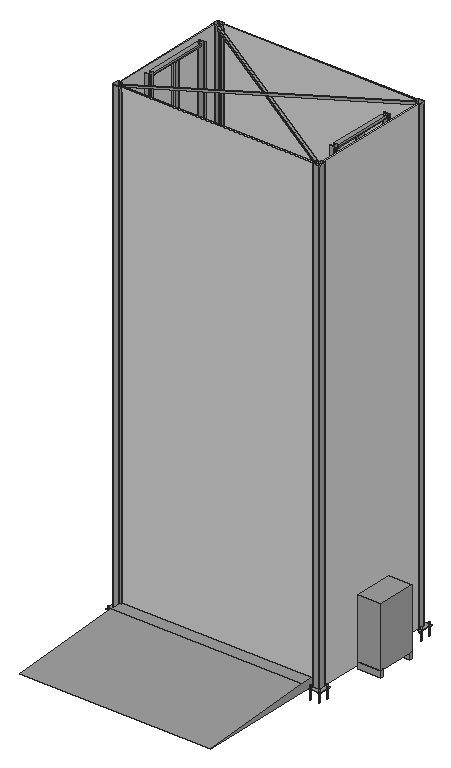
Revit family "1SE_Trez_TC_2C_T_500_With_Ramp", category Specialty Equipment, Revit 2019
Family settings
  Round Connector Dimension = Use Diameter
  Part Type = Normal
  Work Plane-Based = No
  Always vertical = Yes
  Cut with Voids When Loaded = Yes
  Shared = No
  Room Calculation Point = No
Parameters (values of type "Platform-2400x1800mm with Door Height 2000mm")
  Safe Working Load = 500.00 kg  # constant formula
  Safe Space = if(Cabin or Platform = Cabin, 900.0 mm, if(and(Cabin or Platform = Platform, Door Clear Height > 1900.0 mm), 600.0 mm, 0.0 mm))  # 600.0 mm
  Ramp Width = Tower Width - 250.0 mm  # 2880.0 mm
  Ramp Material = TREZ_Steel
  Platform = Speciality_Equipment_Trez_Platform : Platform
  Door Clear Width = Clear Width  # 2400.0 mm
  Door Clear Height = 2000.0 mm
  Clear Width = 2400.0 mm
  URL = "https://trez.bg/en/products/goods-only-lift-tc/tc-2ct-two-cylinders-and-tower/"
  Tower Width = Real Width + 2 * Clearance  # 3130.0 mm
  Tower Depth = Real Depth + 180.0 mm  # 1980.0 mm
  Tower Cladding Material = TREZ_Steel_Cladding
  Real Width = if(Clear Width < 1200.0 mm, 1200.0 mm, if(Clear Width > 3600.0 mm, 3600.0 mm, Clear Width))  # 2400.0 mm
  Real Depth = if(Clear Depth < 1200.0 mm, 1200.0 mm, if(Clear Depth > 2900.0 mm, 2900.0 mm, Clear Depth))  # 1800.0 mm
  Profiles Material = TREZ_Steel
  Platform Material = TREZ_Steel
  Ramp Height = 120.0 mm  # constant formula
  Travel = 4500.0 mm
  Rail Height = Travel + Headroom  # 7100.0 mm
  Model = "TC 2C T 500"
  Manufacturer = "TREZ Ltd."
  Headroom = Door Clear Height + Safe Space  # 2600.0 mm
  Description = "Trez Compact 2 Cylinders Tower. Goods only lift."  # constant formula
  Clear Depth = 1800.0 mm
  Created By URL = "https://all1studio.com/"
  Created By = "All 1 Studio Ltd."
  Clearance = 365.0 mm  # constant formula
  Cabin or Platform Back = yes
  Cabin or Platform = Speciality_Equipment_Trez_Platform : Platform
  Cabin = Speciality_Equipment_Trez_Cabin : Cabin
Types (5, lengths in mm): name | Safe Space | Ramp Width | Door Clear Width | Door Clear Height | Clear Width | Tower Width | Tower Depth | Real Width | Real Depth | Rail Height | Headroom | Clear Depth | Cabin or Platform
  Platform-3600x2900mm with Door Height 2500mm | 600.0 | 4080.0 | 3600.0 | 2500.0 | 3600.0 | 4330.0 | 3080.0 | 3600.0 | 2900.0 | 7600.0 | 3100.0 | 2900.0 | Speciality_Equipment_Trez_Platform : Platform
  Cabin-1200x1800mm with Door Height 2000mm | 900.0 | 1680.0 | 1200.0 | 2000.0 | 1200.0 | 1930.0 | 1980.0 | 1200.0 | 1800.0 | 7400.0 | 2900.0 | 1800.0 | Speciality_Equipment_Trez_Cabin : Cabin
  Cabin-2400x1800mm with Door Height 2000mm | 900.0 | 2880.0 | 2400.0 | 2000.0 | 2400.0 | 3130.0 | 1980.0 | 2400.0 | 1800.0 | 7400.0 | 2900.0 | 1800.0 | Speciality_Equipment_Trez_Cabin : Cabin
  Platform-2400x1800mm with Door Height 2000mm | 600.0 | 2880.0 | 2400.0 | 2000.0 | 2400.0 | 3130.0 | 1980.0 | 2400.0 | 1800.0 | 7100.0 | 2600.0 | 1800.0 | Speciality_Equipment_Trez_Platform : Platform
  Platform-1300x2400mm with Door Height 2400mm | 600.0 | 1780.0 | 1300.0 | 2400.0 | 1300.0 | 2030.0 | 2580.0 | 1300.0 | 2400.0 | 7500.0 | 3000.0 | 2400.0 | Speciality_Equipment_Trez_Platform : Platform
Reference planes
  plane 1 "Center (Front/Back)": y = 0
  plane 2: z = 0
  plane 3 "Center (Left/Right)": x = 0
  plane 4: x = -1200
  plane 5: x = 1200
  plane 6: y = 900
  plane 7: y = -900
  plane 8: x = 1565
  plane 9: y = 1010
  plane 10: x = -1565
  plane 11: y = -970
  plane 12: x = 1510
  plane 13: x = -1510
  plane 14: y = 955
  plane 15: y = -915
  plane 16: z = 4500
  plane 17 "Top of Lift": z = 7100
  plane 18: x = -1518.5
  plane 19: x = 1518.5
  plane 20: x = 1775
  plane 21: x = -1549.032
  plane 22: x = -1531.032
  plane 23: y = 994
  plane 24: y = 976
  plane 25: x = 1549
  plane 26: x = 1531
  plane 27: y = -954
  plane 28: y = -936
  plane 29: x = -1625
  plane 30: y = 1070
  plane 31: x = 1625
  plane 32: y = -1030
  plane 33: x = -1378.5
  plane 34: x = 1378.5
  plane 35: z = 7040
  plane 36: z = 40
  plane 37: z = -145
  plane 38 "Ramp": z = 120
Forms (mm)
  Extrusion 1, solid, material "TREZ_Steel_Cladding" <- "Tower Cladding Material", detail levels coarse+medium
    sketch origin (0, 0, 0) x (1, 0, 0) y (0, 1, 0)
      loop
        line (-1565, 1010) -> (-1565, 905) -> (-1549.032, 905) -> (-1549.032, -865) -> (-1565, -865) -> (-1565, -970) -> (-1460, -970) -> (-1460, -954) -> (1460, -954) -> (1460, -970) -> (1565, -970) -> (1565, -865) -> (1549, -865) -> (1549, 905) -> (1565, 905) -> (1565, 1010) -> (1460, 1010) -> (1460, 994) -> (-1460, 994) -> (-1460, 1010) -> (-1565, 1010)
      loop
        line (-1510, 955) -> (-1510, 905) -> (-1531.032, 905) -> (-1531.032, -865) -> (-1510, -865) -> (-1510, -915) -> (-1460, -915) -> (-1460, -936) -> (1460, -936) -> (1460, -915) -> (1510, -915) -> (1510, -865) -> (1531, -865) -> (1531, 905) -> (1510, 905) -> (1510, 955) -> (1460, 955) -> (1460, 976) -> (-1460, 976) -> (-1460, 955) -> (-1510, 955)
    from 0 to 7100
  Extrusion 2, solid, material "TREZ_Steel" <- "Profiles Material", detail levels fine
    sketch origin (0, 0, 0) x (1, 0, 0) y (0, 1, 0)
      loop
        line (-1565, 1003) -> (-1565, 912)
        arc (-1565, 912) -> (-1562.95, 907.05) -> (-1558, 905) r 7
        line (-1558, 905) -> (-1517, 905)
        arc (-1517, 905) -> (-1512.05, 907.05) -> (-1510, 912) r 7
        line (-1510, 912) -> (-1510, 948)
        arc (-1510, 948) -> (-1507.95, 952.95) -> (-1503, 955) r 7
        line (-1503, 955) -> (-1467, 955)
        arc (-1467, 955) -> (-1462.05, 957.05) -> (-1460, 962) r 7
        line (-1460, 962) -> (-1460, 1003)
        arc (-1460, 1003) -> (-1462.05, 1007.95) -> (-1467, 1010) r 7
        line (-1467, 1010) -> (-1558, 1010)
        arc (-1558, 1010) -> (-1562.95, 1007.95) -> (-1565, 1003) r 7
      loop
        line (1558, 1010) -> (1467, 1010)
        arc (1467, 1010) -> (1462.05, 1007.95) -> (1460, 1003) r 7
        line (1460, 1003) -> (1460, 962)
        arc (1460, 962) -> (1462.05, 957.05) -> (1467, 955) r 7
        line (1467, 955) -> (1503, 955)
        arc (1503, 955) -> (1507.95, 952.95) -> (1510, 948) r 7
        line (1510, 948) -> (1510, 912)
        arc (1510, 912) -> (1512.05, 907.05) -> (1517, 905) r 7
        line (1517, 905) -> (1558, 905)
        arc (1558, 905) -> (1562.95, 907.05) -> (1565, 912) r 7
        line (1565, 912) -> (1565, 1003)
        arc (1565, 1003) -> (1562.95, 1007.95) -> (1558, 1010) r 7
      loop
        arc (-1565, -963) -> (-1562.95, -967.95) -> (-1558, -970) r 7
        line (-1558, -970) -> (-1467, -970)
        arc (-1467, -970) -> (-1462.05, -967.95) -> (-1460, -963) r 7
        line (-1460, -963) -> (-1460, -922)
        arc (-1460, -922) -> (-1462.05, -917.05) -> (-1467, -915) r 7
        line (-1467, -915) -> (-1503, -915)
        arc (-1503, -915) -> (-1507.95, -912.95) -> (-1510, -908) r 7
        line (-1510, -908) -> (-1510, -872)
        arc (-1510, -872) -> (-1512.05, -867.05) -> (-1517, -865) r 7
        line (-1517, -865) -> (-1558, -865)
        arc (-1558, -865) -> (-1562.95, -867.05) -> (-1565, -872) r 7
        line (-1565, -872) -> (-1565, -963)
      loop
        arc (1558, -970) -> (1562.95, -967.95) -> (1565, -963) r 7
        line (1565, -963) -> (1565, -872)
        arc (1565, -872) -> (1562.95, -867.05) -> (1558, -865) r 7
        line (1558, -865) -> (1517, -865)
        arc (1517, -865) -> (1512.05, -867.05) -> (1510, -872) r 7
        line (1510, -872) -> (1510, -908)
        arc (1510, -908) -> (1507.95, -912.95) -> (1503, -915) r 7
        line (1503, -915) -> (1467, -915)
        arc (1467, -915) -> (1462.05, -917.05) -> (1460, -922) r 7
        line (1460, -922) -> (1460, -963)
        arc (1460, -963) -> (1462.05, -967.95) -> (1467, -970) r 7
        line (1467, -970) -> (1558, -970)
      loop
        arc (-1463, 1003) -> (-1464.172, 1005.828) -> (-1467, 1007) r 4
        line (-1467, 1007) -> (-1558, 1007)
        arc (-1558, 1007) -> (-1560.828, 1005.828) -> (-1562, 1003) r 4
        line (-1562, 1003) -> (-1562, 912)
        arc (-1562, 912) -> (-1560.828, 909.172) -> (-1558, 908) r 4
        line (-1558, 908) -> (-1517, 908)
        arc (-1517, 908) -> (-1514.172, 909.172) -> (-1513, 912) r 4
        line (-1513, 912) -> (-1513, 948)
        arc (-1513, 948) -> (-1510.071, 955.071) -> (-1503, 958) r 10
        line (-1503, 958) -> (-1467, 958)
        arc (-1467, 958) -> (-1464.172, 959.172) -> (-1463, 962) r 4
        line (-1463, 962) -> (-1463, 1003)
      loop
        line (-1463, -963) -> (-1463, -922)
        arc (-1463, -922) -> (-1464.172, -919.172) -> (-1467, -918) r 4
        line (-1467, -918) -> (-1503, -918)
        arc (-1503, -918) -> (-1510.071, -915.071) -> (-1513, -908) r 10
        line (-1513, -908) -> (-1513, -872)
        arc (-1513, -872) -> (-1514.172, -869.172) -> (-1517, -868) r 4
        line (-1517, -868) -> (-1558, -868)
        arc (-1558, -868) -> (-1560.828, -869.172) -> (-1562, -872) r 4
        line (-1562, -872) -> (-1562, -963)
        arc (-1562, -963) -> (-1560.828, -965.828) -> (-1558, -967) r 4
        line (-1558, -967) -> (-1467, -967)
        arc (-1467, -967) -> (-1464.172, -965.828) -> (-1463, -963) r 4
      loop
        line (1562, -963) -> (1562, -872)
        arc (1562, -872) -> (1560.828, -869.172) -> (1558, -868) r 4
        line (1558, -868) -> (1517, -868)
        arc (1517, -868) -> (1514.172, -869.172) -> (1513, -872) r 4
        line (1513, -872) -> (1513, -908)
        arc (1513, -908) -> (1510.071, -915.071) -> (1503, -918) r 10
        line (1503, -918) -> (1467, -918)
        arc (1467, -918) -> (1464.172, -919.172) -> (1463, -922) r 4
        line (1463, -922) -> (1463, -963)
        arc (1463, -963) -> (1464.172, -965.828) -> (1467, -967) r 4
        line (1467, -967) -> (1558, -967)
        arc (1558, -967) -> (1560.828, -965.828) -> (1562, -963) r 4
      loop
        arc (1562, 1003) -> (1560.828, 1005.828) -> (1558, 1007) r 4
        line (1558, 1007) -> (1467, 1007)
        arc (1467, 1007) -> (1464.172, 1005.828) -> (1463, 1003) r 4
        line (1463, 1003) -> (1463, 962)
        arc (1463, 962) -> (1464.172, 959.172) -> (1467, 958) r 4
        line (1467, 958) -> (1503, 958)
        arc (1503, 958) -> (1510.071, 955.071) -> (1513, 948) r 10
        line (1513, 948) -> (1513, 912)
        arc (1513, 912) -> (1514.172, 909.172) -> (1517, 908) r 4
        line (1517, 908) -> (1558, 908)
        arc (1558, 908) -> (1560.828, 909.172) -> (1562, 912) r 4
        line (1562, 912) -> (1562, 1003)
    from 5 to 7100
  Extrusion 3, solid, material "TREZ_Steel_Cladding" <- "Tower Cladding Material", detail levels fine
    sketch origin (0, 0, 0) x (1, 0, 0) y (0, 1, 0)
      loop
        line (1549, 905) -> (1531, 905) -> (1531, -865) -> (1549, -865) -> (1549, 905)
      loop
        line (1460, 994) -> (-1460, 994) -> (-1460, 976) -> (1460, 976) -> (1460, 994)
      loop
        line (1460, -936) -> (-1460, -936) -> (-1460, -954) -> (1460, -954) -> (1460, -936)
      loop
        line (-1531.032, -865) -> (-1531.032, 905) -> (-1549.032, 905) -> (-1549.032, -865) -> (-1531.032, -865)
    from 0 to 7100
  Extrusion 4, solid, material "TREZ_Steel" <- "Profiles Material", detail levels fine
    sketch origin (0, 0, 0) x (1, 0, 0) y (0, 1, 0)
      loop
        arc (1447, 1070) -> (1442.05, 1067.95) -> (1440, 1063) r 7
        line (1440, 1063) -> (1440, 1010) -> (1460, 1010) -> (1460, 955) -> (1510, 955) -> (1510, 905) -> (1565, 905) -> (1565, 885) -> (1618, 885)
        arc (1618, 885) -> (1622.95, 887.05) -> (1625, 892) r 7
        line (1625, 892) -> (1625, 1063)
        arc (1625, 1063) -> (1622.95, 1067.95) -> (1618, 1070) r 7
        line (1618, 1070) -> (1447, 1070)
      loop
        line (-1447, 1070) -> (-1618, 1070)
        arc (-1618, 1070) -> (-1622.95, 1067.95) -> (-1625, 1063) r 7
        line (-1625, 1063) -> (-1625, 892)
        arc (-1625, 892) -> (-1622.95, 887.05) -> (-1618, 885) r 7
        line (-1618, 885) -> (-1565, 885) -> (-1565, 905) -> (-1510, 905) -> (-1510, 955) -> (-1460, 955) -> (-1460, 1010) -> (-1440, 1010) -> (-1440, 1063)
        arc (-1440, 1063) -> (-1442.05, 1067.95) -> (-1447, 1070) r 7
      loop
        line (1447, -1030) -> (1618, -1030)
        arc (1618, -1030) -> (1622.95, -1027.95) -> (1625, -1023) r 7
        line (1625, -1023) -> (1625, -852)
        arc (1625, -852) -> (1622.95, -847.05) -> (1618, -845) r 7
        line (1618, -845) -> (1565, -845) -> (1565, -865) -> (1510, -865) -> (1510, -915) -> (1460, -915) -> (1460, -970) -> (1440, -970) -> (1440, -1023)
        arc (1440, -1023) -> (1442.05, -1027.95) -> (1447, -1030) r 7
      loop
        arc (-1447, -1030) -> (-1442.05, -1027.95) -> (-1440, -1023) r 7
        line (-1440, -1023) -> (-1440, -970) -> (-1460, -970) -> (-1460, -915) -> (-1510, -915) -> (-1510, -865) -> (-1565, -865) -> (-1565, -845) -> (-1618, -845)
        arc (-1618, -845) -> (-1622.95, -847.05) -> (-1625, -852) r 7
        line (-1625, -852) -> (-1625, -1023)
        arc (-1625, -1023) -> (-1622.95, -1027.95) -> (-1618, -1030) r 7
        line (-1618, -1030) -> (-1447, -1030)
    from 5 to 0
  Sweep 5, solid, material "TREZ_Steel" <- "Profiles Material", detail levels fine
    path origin (0, 0, 7100) x (-1, 0, 0) y (0, -1, 0)
      loop
        line (1510, 915) -> (-1510, -955)
    profile origin (0, 20, 7100) x (-0.526452, 0.850205, 0) y (0, 0, 1)
      loop
        line (15, 0) -> (-15, 0) -> (-15, -30) -> (15, -30) -> (15, 0)
  Sweep 6, solid, material "TREZ_Steel" <- "Profiles Material", detail levels fine
    path origin (0, 0, 7100) x (-1, 0, 0) y (0, -1, 0)
      loop
        line (1510, -955) -> (-1510, 915)
    profile origin (0, 20, 7100) x (0.526452, 0.850205, 0) y (0, 0, 1)
      loop
        line (-15, -60) -> (15, -60) -> (15, -30) -> (-15, -30) -> (-15, -60)
  Extrusion 7, void
    sketch origin (0, 0, 7100) x (-1, 0, 0) y (0, -1, 0)
      loop
        arc (1517, -905) -> (1512.05, -907.05) -> (1510, -912) r 7
        line (1510, -912) -> (1510, -948)
        arc (1510, -948) -> (1507.95, -952.95) -> (1503, -955) r 7
        line (1503, -955) -> (1467, -955)
        arc (1467, -955) -> (1462.05, -957.05) -> (1460, -962) r 7
        line (1460, -962) -> (1460, -1003)
        arc (1460, -1003) -> (1462.05, -1007.95) -> (1467, -1010) r 7
        line (1467, -1010) -> (1558, -1010)
        arc (1558, -1010) -> (1562.95, -1007.95) -> (1565, -1003) r 7
        line (1565, -1003) -> (1565, -912)
        arc (1565, -912) -> (1562.95, -907.05) -> (1558, -905) r 7
        line (1558, -905) -> (1517, -905)
      loop
        arc (-1460, -962) -> (-1462.05, -957.05) -> (-1467, -955) r 7
        line (-1467, -955) -> (-1503, -955)
        arc (-1503, -955) -> (-1507.95, -952.95) -> (-1510, -948) r 7
        line (-1510, -948) -> (-1510, -912)
        arc (-1510, -912) -> (-1512.05, -907.05) -> (-1517, -905) r 7
        line (-1517, -905) -> (-1558, -905)
        arc (-1558, -905) -> (-1562.95, -907.05) -> (-1565, -912) r 7
        line (-1565, -912) -> (-1565, -1003)
        arc (-1565, -1003) -> (-1562.95, -1007.95) -> (-1558, -1010) r 7
        line (-1558, -1010) -> (-1467, -1010)
        arc (-1467, -1010) -> (-1462.05, -1007.95) -> (-1460, -1003) r 7
        line (-1460, -1003) -> (-1460, -962)
      loop
        arc (-1517, 865) -> (-1512.05, 867.05) -> (-1510, 872) r 7
        line (-1510, 872) -> (-1510, 908)
        arc (-1510, 908) -> (-1507.95, 912.95) -> (-1503, 915) r 7
        line (-1503, 915) -> (-1467, 915)
        arc (-1467, 915) -> (-1462.05, 917.05) -> (-1460, 922) r 7
        line (-1460, 922) -> (-1460, 963)
        arc (-1460, 963) -> (-1462.05, 967.95) -> (-1467, 970) r 7
        line (-1467, 970) -> (-1558, 970)
        arc (-1558, 970) -> (-1562.95, 967.95) -> (-1565, 963) r 7
        line (-1565, 963) -> (-1565, 872)
        arc (-1565, 872) -> (-1562.95, 867.05) -> (-1558, 865) r 7
        line (-1558, 865) -> (-1517, 865)
      loop
        arc (1510, 872) -> (1512.05, 867.05) -> (1517, 865) r 7
        line (1517, 865) -> (1558, 865)
        arc (1558, 865) -> (1562.95, 867.05) -> (1565, 872) r 7
        line (1565, 872) -> (1565, 963)
        arc (1565, 963) -> (1562.95, 967.95) -> (1558, 970) r 7
        line (1558, 970) -> (1467, 970)
        arc (1467, 970) -> (1462.05, 967.95) -> (1460, 963) r 7
        line (1460, 963) -> (1460, 922)
        arc (1460, 922) -> (1462.05, 917.05) -> (1467, 915) r 7
        line (1467, 915) -> (1503, 915)
        arc (1503, 915) -> (1507.95, 912.95) -> (1510, 908) r 7
        line (1510, 908) -> (1510, 872)
    from -60 to 0
  Extrusion 8, solid, material "TREZ_Steel" <- "Profiles Material", detail levels fine
    sketch origin (0, 0, 0) x (1, 0, 0) y (0, 1, 0)
      loop
        circle (-1600.697, 1054.303) r 6
      loop
        circle (-1455.697, 1054.303) r 6
      loop
        circle (-1600.697, 909.303) r 6
      loop
        circle (1600.697, 1054.303) r 6
      loop
        circle (1455.697, 1054.303) r 6
      loop
        circle (1600.697, 909.303) r 6
      loop
        circle (-1600.697, -1014.303) r 6
      loop
        circle (-1455.697, -1014.303) r 6
      loop
        circle (-1600.697, -869.303) r 6
      loop
        circle (1600.697, -1014.303) r 6
      loop
        circle (1455.697, -1014.303) r 6
      loop
        circle (1600.697, -869.303) r 6
    from -145 to 40
Cuts and joins
  Extrusion 7 cuts Sweep 5
  Extrusion 7 cuts Sweep 6
  joined: Extrusion 4, Extrusion 8
Lines and regions (mm)
  symbolic lines, style "Profiles"
    curve 1: line (-1565, 1010, 0) -> (-1460, 1010, 0)
    curve 2: line (-1460, 1010, 0) -> (-1460, 955, 0)
    curve 3: line (-1460, 955, 0) -> (-1510, 955, 0)
    curve 4: line (-1510, 955, 0) -> (-1510, 905, 0)
    curve 5: line (-1510, 905, 0) -> (-1565, 905, 0)
    curve 6: line (-1565, 905, 0) -> (-1565, 1010, 0)
    curve 7: line (1460, 1010, 0) -> (1565, 1010, 0)
    curve 8: line (1565, 1010, 0) -> (1565, 905, 0)
    curve 9: line (1565, 905, 0) -> (1510, 905, 0)
    curve 10: line (1510, 905, 0) -> (1510, 955, 0)
    curve 11: line (1510, 955, 0) -> (1460, 955, 0)
    curve 12: line (1460, 955, 0) -> (1460, 1010, 0)
    curve 13: line (-1565, -865, 0) -> (-1510, -865, 0)
    curve 14: line (-1510, -865, 0) -> (-1510, -915, 0)
    curve 15: line (-1510, -915, 0) -> (-1460, -915, 0)
    curve 16: line (-1460, -915, 0) -> (-1460, -970, 0)
    curve 17: line (-1460, -970, 0) -> (-1565, -970, 0)
    curve 18: line (-1565, -970, 0) -> (-1565, -865, 0)
    curve 19: line (1460, -915, 0) -> (1510, -915, 0)
    curve 20: line (1510, -915, 0) -> (1510, -865, 0)
    curve 21: line (1510, -865, 0) -> (1565, -865, 0)
    curve 22: line (1565, -865, 0) -> (1565, -970, 0)
    curve 23: line (1565, -970, 0) -> (1460, -970, 0)
    curve 24: line (1460, -915, 0) -> (1460, -970, 0)
    curve 25: line (1549, 905, 0) -> (1531, 905, 0)
    curve 26: line (1549, -865, 0) -> (1549, 905, 0)
    curve 27: line (1531, -865, 0) -> (1549, -865, 0)
    curve 28: line (1531, 905, 0) -> (1531, -865, 0)
    curve 29: line (1460, -936, 0) -> (-1460, -936, 0)
    curve 30: line (1460, -954, 0) -> (1460, -936, 0)
    curve 31: line (-1460, -954, 0) -> (1460, -954, 0)
    curve 32: line (-1460, -936, 0) -> (-1460, -954, 0)
    curve 33: line (-1531.032, -865, 0) -> (-1549.032, -865, 0)
    curve 34: line (-1531.032, 905, 0) -> (-1531.032, -865, 0)
    curve 35: line (-1549.032, 905, 0) -> (-1531.032, 905, 0)
    curve 36: line (-1549.032, -865, 0) -> (-1549.032, 905, 0)
    curve 37: line (-1460, 976, 0) -> (1460, 976, 0)
    curve 38: line (-1460, 994, 0) -> (-1460, 976, 0)
    curve 39: line (1460, 994, 0) -> (-1460, 994, 0)
    curve 40: line (1460, 976, 0) -> (1460, 994, 0)
  symbolic lines, style "Platform"
    curve 41: line (-1200, 900, 0) -> (1200, 900, 0)
    curve 42: line (-1200, -900, 0) -> (-1200, 900, 0)
    curve 43: line (1200, -900, 0) -> (-1200, -900, 0)
    curve 44: line (1200, 900, 0) -> (1200, -900, 0)
    curve 45: line (-1200, 900, 0) -> (1200, -900, 0)
    curve 46: line (1200, 900, 0) -> (-1200, -900, 0)
  model lines, style "Profiles", detail levels coarse+medium
    curve 47: line (-1510, 955, 7100) -> (1510, -915, 7100)
    curve 48: line (1510, 955, 7100) -> (-1510, -915, 7100)
Dimensions and locks
  equal spacing: plane 4, plane 3 "Center (Left/Right)", plane 5
  "Real Width": plane 4 to plane 5
  equal spacing: plane 7, plane 1 "Center (Front/Back)", plane 6
  "Real Depth": plane 7 to plane 6
  locked: plane 6 to plane 9 at 110
  locked: plane 7 to plane 11 at 70
  locked: plane 12 to plane 8 at 55
  locked: plane 10 to plane 13 at 55
  locked: plane 14 to plane 9 at 55
  locked: plane 15 to plane 11 at 55
  "Travel": plane 16 to level
  "Clearance": plane 5 to plane 8
  "Clearance": plane 10 to plane 4
  locked: plane 8 to plane 20 at 210
  locked: plane 10 to plane 18 at 46.5
  locked: plane 19 to plane 8 at 46.5
  plane 10 to plane 21 to plane 22 = 15.968 mm locked, 18.0 mm locked
  plane 24 to plane 23 to plane 9 = 18.0 mm locked, 16.0 mm locked
  plane 26 to plane 25 to plane 8 = 18.0 mm locked, 16.0 mm locked
  plane 28 to plane 27 to plane 11 = 18.0 mm locked, 16.0 mm locked
  locked: plane 29 to plane 10 at 60
  locked: plane 9 to plane 30 at 60
  locked: plane 8 to plane 31 at 60
  locked: plane 11 to plane 32 at 60
  locked: plane 10 to plane 33 at 186.5
  locked: plane 34 to plane 8 at 186.5
  "Headroom": plane 17 "Top of Lift" to plane 16
  locked: plane 17 "Top of Lift" to plane 35 at 60
  locked: plane 36 to level at 40
  locked: level to plane 37 at 145
  "Ramp Height": plane 38 "Ramp" to level
  aligned and locked: level to plane 2
  aligned and locked: plane 9 to Extrusion 1 sketch curve
  aligned and locked: plane 10 to Extrusion 1 sketch curve
  aligned and locked: plane 11 to Extrusion 1 sketch curve
  aligned and locked: plane 8 to Extrusion 1 sketch curve
  aligned and locked: plane 14 to Extrusion 1 sketch curve
  aligned and locked: plane 13 to Extrusion 1 sketch curve
  aligned and locked: plane 15 to Extrusion 1 sketch curve
  aligned and locked: plane 12 to Extrusion 1 sketch curve
  aligned and locked: plane 17 "Top of Lift" to Extrusion 1
  aligned and locked: plane 1 "Center (Front/Back)" to nested 1
  aligned and locked: plane 3 "Center (Left/Right)" to nested 1
  aligned and locked: nested 2 to plane 20
  aligned and locked: Extrusion 2 sketch curve to plane 10
  aligned and locked: Extrusion 2 sketch curve to plane 9  (x2)
  aligned and locked: Extrusion 2 sketch curve to plane 13
  aligned and locked: Extrusion 2 sketch curve to plane 14  (x2)
  aligned and locked: plane 8 to Extrusion 2 sketch curve
  aligned and locked: plane 17 "Top of Lift" to Extrusion 2
  aligned and locked: Extrusion 3 sketch curve to Extrusion 2  (x6)
  aligned and locked: Extrusion 3 sketch curve to plane 25
  aligned and locked: plane 26 to Extrusion 3 sketch curve
  aligned and locked: Extrusion 3 sketch curve to plane 23
  aligned and locked: plane 24 to Extrusion 3 sketch curve
  aligned and locked: plane 28 to Extrusion 3 sketch curve
  aligned and locked: Extrusion 3 sketch curve to plane 27
  aligned and locked: Extrusion 2 to Extrusion 3 sketch curve  (x2)
  aligned and locked: Extrusion 3 sketch curve to plane 22
  aligned and locked: plane 21 to Extrusion 3 sketch curve
  aligned and locked: plane 17 "Top of Lift" to Extrusion 3
  aligned and locked: plane 33 to nested 3
  aligned and locked: nested 4 to plane 34
  aligned and locked: plane 1 "Center (Front/Back)" to nested 3
  aligned and locked: nested 4 to plane 1 "Center (Front/Back)"
  aligned and locked: plane 14 to Sweep 5 sketch curve
  aligned and locked: plane 12 to Sweep 5 sketch curve
  aligned and locked: plane 13 to Sweep 5 sketch curve
  aligned and locked: plane 15 to Sweep 5 sketch curve
  aligned and locked: plane 12 to Sweep 6 sketch curve
  aligned and locked: plane 15 to Sweep 6 sketch curve
  aligned and locked: plane 14 to Sweep 6 sketch curve
  aligned and locked: plane 13 to Sweep 6 sketch curve
  aligned and locked: plane 35 to Extrusion 7
  aligned and locked: plane 17 "Top of Lift" to Extrusion 7
  aligned and locked: Extrusion 8 to plane 37
  aligned and locked: plane 36 to Extrusion 8
  aligned and locked: plane 16 to nested 1
  aligned and locked: Extrusion 1 to nested 3
  aligned and locked: nested 4 to Extrusion 1
  aligned and locked: nested 5 to plane 3 "Center (Left/Right)"
  aligned and locked: plane 27 to nested 5
Automatic sketch dimensions
  Extrusion 1 sketch curve to plane 10 = 0.0 mm
  Extrusion 1 sketch curve to plane 21 = 0.0 mm
  Extrusion 1 sketch curve to plane 22 = 0.0 mm
  Extrusion 1 sketch curve to plane 13 = 0.0 mm
  Extrusion 1 sketch curve to plane 28 = 0.0 mm
  Extrusion 1 sketch curve to plane 15 = 0.0 mm
  Extrusion 1 sketch curve to plane 27 = 0.0 mm
  Extrusion 1 sketch curve to plane 11 = 0.0 mm
  plane 24 to Extrusion 1 sketch curve = 0.0 mm
  plane 23 to Extrusion 1 sketch curve = 0.0 mm
  plane 9 to Extrusion 1 sketch curve = 0.0 mm
  plane 14 to Extrusion 1 sketch curve = 0.0 mm
  Extrusion 1 sketch curve to plane 12 = 0.0 mm
  Extrusion 1 sketch curve to plane 26 = 0.0 mm
  Extrusion 1 sketch curve to plane 25 = 0.0 mm
  Extrusion 1 sketch curve to plane 8 = 0.0 mm
  plane 13 to Extrusion 1 sketch curve = 50.0 mm  (x2)
  Extrusion 1 sketch curve to Extrusion 1 sketch curve = 0.0 mm  (x5)
  plane 12 to Extrusion 1 sketch curve = 50.0 mm  (x2)
  plane 7 to Extrusion 1 sketch curve = 35.0 mm  (x3)
  Extrusion 1 sketch curve to plane 6 = 5.0 mm  (x4)
  Extrusion 2 sketch curve to Extrusion 2 sketch curve = 0.0 mm  (x48)
  Extrusion 2 sketch curve to plane 10 = 0.0 mm
  Extrusion 2 sketch curve to plane 11 = 0.0 mm  (x2)
  Extrusion 2 sketch curve to plane 13 = 0.0 mm
  Extrusion 2 sketch curve to plane 15 = 0.0 mm  (x2)
  Extrusion 2 sketch curve to plane 12 = 0.0 mm  (x2)
  Extrusion 2 sketch curve to plane 8 = 0.0 mm
  Extrusion 2 sketch curve to Extrusion 2 sketch curve = 3.0 mm  (x4)
  Extrusion 2 sketch curve to Extrusion 2 sketch curve = 4.0 mm  (x9)
  plane 10 to Extrusion 2 sketch curve = 7.0 mm
  plane 18 to Extrusion 2 sketch curve = 1.5 mm  (x2)
  plane 13 to Extrusion 2 sketch curve = 7.0 mm  (x2)
  Extrusion 2 sketch curve to plane 15 = 7.0 mm  (x2)
  Extrusion 2 sketch curve to Extrusion 2 sketch curve = 36.0 mm  (x2)
  Extrusion 2 sketch curve to plane 14 = 7.0 mm
  plane 9 to Extrusion 2 sketch curve = 7.0 mm
  plane 12 to Extrusion 2 sketch curve = 50.0 mm  (x2)
  Extrusion 2 sketch curve to Extrusion 2 sketch curve = 7.0 mm
  plane 12 to Extrusion 2 sketch curve = 7.0 mm
  plane 19 to Extrusion 2 sketch curve = 1.5 mm  (x2)
  plane 8 to Extrusion 2 sketch curve = 7.0 mm  (x2)
  Extrusion 2 sketch curve to plane 6 = 5.0 mm  (x2)
  plane 7 to Extrusion 2 sketch curve = 28.0 mm  (x2)
  Extrusion 4 sketch curve to plane 29 = 0.0 mm  (x2)
  plane 30 to Extrusion 4 sketch curve = 0.0 mm  (x2)
  Extrusion 4 sketch curve to plane 32 = 0.0 mm  (x2)
  Extrusion 4 sketch curve to plane 10 = 0.0 mm  (x2)
  Extrusion 4 sketch curve to plane 13 = 0.0 mm  (x2)
  plane 9 to Extrusion 4 sketch curve = 0.0 mm  (x2)
  Extrusion 4 sketch curve to plane 11 = 0.0 mm  (x2)
  Extrusion 4 sketch curve to plane 15 = 0.0 mm  (x2)
  plane 14 to Extrusion 4 sketch curve = 0.0 mm  (x2)
  Extrusion 4 sketch curve to plane 12 = 0.0 mm  (x2)
  Extrusion 4 sketch curve to plane 8 = 0.0 mm  (x2)
  Extrusion 4 sketch curve to plane 31 = 0.0 mm  (x2)
  plane 29 to Extrusion 4 sketch curve = 7.0 mm  (x4)
  plane 13 to Extrusion 4 sketch curve = 50.0 mm  (x2)
  Extrusion 4 sketch curve to Extrusion 4 sketch curve = 13.0 mm  (x2)
  plane 30 to Extrusion 4 sketch curve = 7.0 mm
  Extrusion 4 sketch curve to Extrusion 4 sketch curve = 20.0 mm  (x2)
  Extrusion 4 sketch curve to plane 34 = 61.5 mm  (x2)
  Extrusion 4 sketch curve to Extrusion 4 sketch curve = 7.0 mm  (x3)
  Extrusion 4 sketch curve to Extrusion 4 sketch curve = 50.0 mm
  plane 31 to Extrusion 4 sketch curve = 7.0 mm  (x3)
  plane 7 to Extrusion 4 sketch curve = 35.0 mm  (x2)
  plane 7 to Extrusion 4 sketch curve = 48.0 mm  (x2)
  plane 6 to Extrusion 4 sketch curve = 15.0 mm  (x2)
  Extrusion 4 sketch curve to plane 6 = 5.0 mm  (x2)
  profile plane to Sweep 5 sketch curve = 15.0 mm
  Sweep 5 sketch curve to Sweep 5 sketch curve = 30.0 mm
  Sweep 5 sketch curve to profile plane = 15.0 mm
  plane 17 "Top of Lift" to Sweep 5 sketch curve = 0.0 mm
  profile plane to Sweep 6 sketch curve = 15.0 mm
  Sweep 6 sketch curve to profile plane = 15.0 mm
  Sweep 6 sketch curve to plane 17 "Top of Lift" = 60.0 mm
  Sweep 6 sketch curve to Sweep 6 sketch curve = 30.0 mm
  plane 9 to Extrusion 7 sketch curve = 0.0 mm  (x2)
  plane 14 to Extrusion 7 sketch curve = 0.0 mm  (x2)
  Extrusion 7 sketch curve to plane 13 = 0.0 mm  (x2)
  Extrusion 7 sketch curve to plane 10 = 0.0 mm  (x2)
  Extrusion 7 sketch curve to Extrusion 7 sketch curve = 7.0 mm  (x9)
  plane 13 to Extrusion 7 sketch curve = 43.0 mm
  Extrusion 7 sketch curve to Extrusion 7 sketch curve = 36.0 mm  (x2)
  plane 18 to Extrusion 7 sketch curve = 1.5 mm  (x2)
  plane 10 to Extrusion 7 sketch curve = 7.0 mm
  Extrusion 7 sketch curve to plane 6 = 12.0 mm
  Extrusion 7 sketch curve to plane 8 = 0.0 mm  (x2)
  Extrusion 7 sketch curve to plane 12 = 0.0 mm  (x2)
  Extrusion 7 sketch curve to plane 6 = 5.0 mm
  plane 8 to Extrusion 7 sketch curve = 7.0 mm  (x3)
  plane 19 to Extrusion 7 sketch curve = 1.5 mm  (x2)
  Extrusion 7 sketch curve to plane 14 = 7.0 mm
  Extrusion 7 sketch curve to plane 11 = 0.0 mm  (x2)
  Extrusion 7 sketch curve to plane 15 = 0.0 mm  (x2)
  plane 12 to Extrusion 7 sketch curve = 7.0 mm
  plane 11 to Extrusion 7 sketch curve = 7.0 mm  (x2)
  plane 12 to Extrusion 7 sketch curve = 43.0 mm
  Extrusion 7 sketch curve to plane 15 = 7.0 mm
  plane 7 to Extrusion 7 sketch curve = 35.0 mm  (x2)
  plane 13 to Extrusion 7 sketch curve = 50.0 mm
  plane 13 to Extrusion 7 sketch curve = 7.0 mm
  curve 47 to plane 12 = 0.0 mm
  curve 48 to plane 12 = 0.0 mm
  curve 48 to plane 13 = 0.0 mm
  curve 47 to plane 13 = 0.0 mm
  plane 14 to curve 48 = 0.0 mm
  plane 14 to curve 47 = 0.0 mm
  curve 48 to plane 15 = 0.0 mm
  curve 47 to plane 15 = 0.0 mm
  plane 9 to curve 1 = 0.0 mm
  curve 1 to plane 10 = 0.0 mm
  curve 18 to plane 10 = 0.0 mm
  curve 36 to plane 21 = 0.0 mm
  curve 35 to plane 22 = 0.0 mm
  curve 4 to plane 13 = 0.0 mm
  curve 15 to plane 13 = 0.0 mm
  plane 24 to curve 37 = 0.0 mm
  curve 15 to plane 15 = 0.0 mm
  curve 16 to plane 11 = 0.0 mm
  plane 23 to curve 38 = 0.0 mm
  curve 32 to plane 27 = 0.0 mm
  curve 32 to plane 28 = 0.0 mm
  plane 14 to curve 2 = 0.0 mm
  curve 42 to plane 4 = 0.0 mm
  curve 44 to plane 5 = 0.0 mm
  curve 24 to plane 11 = 0.0 mm
  curve 24 to plane 15 = 0.0 mm
  plane 14 to curve 11 = 0.0 mm
  plane 9 to curve 7 = 0.0 mm
  curve 19 to plane 12 = 0.0 mm
  curve 11 to plane 12 = 0.0 mm
  curve 25 to plane 26 = 0.0 mm
  curve 27 to plane 25 = 0.0 mm
  curve 22 to plane 8 = 0.0 mm
  curve 9 to plane 8 = 0.0 mm
  curve 43 to plane 7 = 0.0 mm
  plane 6 to curve 44 = 0.0 mm
  plane 13 to curve 37 = 50.0 mm
  plane 13 to curve 15 = 50.0 mm
  curve 32 to curve 16 = 0.0 mm
  curve 2 to curve 37 = 0.0 mm
  plane 12 to curve 29 = 50.0 mm
  curve 24 to curve 30 = 0.0 mm
  plane 12 to curve 39 = 50.0 mm
  curve 11 to curve 37 = 0.0 mm
  plane 7 to curve 14 = 35.0 mm
  curve 33 to curve 13 = 0.0 mm
  plane 7 to curve 28 = 35.0 mm
  curve 20 to curve 27 = 0.0 mm
  curve 10 to plane 6 = 5.0 mm
  curve 28 to plane 6 = 5.0 mm
  curve 35 to plane 6 = 5.0 mm
  curve 6 to plane 6 = 5.0 mm
  plane 29 to Extrusion 8 sketch curve = 24.303 mm  (x4)
  Extrusion 8 sketch curve to plane 6 = 9.303 mm  (x2)
  plane 30 to Extrusion 8 sketch curve = 15.697 mm  (x4)
  plane 13 to Extrusion 8 sketch curve = 54.303 mm  (x2)
  plane 32 to Extrusion 8 sketch curve = 15.697 mm  (x4)
  plane 12 to Extrusion 8 sketch curve = 54.303 mm  (x2)
  plane 31 to Extrusion 8 sketch curve = 24.303 mm  (x4)
  plane 7 to Extrusion 8 sketch curve = 30.697 mm  (x2)
  radius of Extrusion 8 sketch curve = 6.0 mm  (x12)
Nested families
  nested 1: "Speciality_Equipment_Trez_Platform" at (0, 0, 4500), type <- "Cabin or Platform", type "Platform"
    with Width 2400.0 mm, Depth 1800.0 mm
  nested 2: "Electrical_Equpment_Trez_Cabinet" at (1775, 0, 0) x (0, 1, 0) z (0, 0, 1), type "Cabinet"
  nested 3: "Generic_Model_Trez_Rails" at (-1378.5, 0, 0), type "Rails"
    with Height 7100.0 mm
  nested 4: "Generic_Model_Trez_Rails" at (1378.5, 0, 0) x (-1, 0, 0) z (0, 0, 1), type "Rails"
    with Height 7100.0 mm
  nested 5: "Generic_Model_Trez_Ramp" at (0, -1054, 0), type "4 Degree Ramp"
    with Ramp Width 2880.0 mm
Definition of nested family "Speciality_Equipment_Trez_Platform"
  Parameters (values of type "Speciality_Equipment_Trez_Platform")
    Width = 3600.0 mm
    Platform Material = none
    Depth = 2900.0 mm
    Back Board = yes
  Reference planes
    plane 1 "Center (Front/Back)": y = 0
    plane 2 "Bottom": z = 0
    plane 3 "Center (Left/Right)": x = 0
    plane 4: x = 1800
    plane 5: x = -1800
    plane 6: y = 1450
    plane 7: y = -1450
    plane 8: x = -1889
    plane 9: x = 1889
    plane 10: y = 1485
    plane 11: z = -89
    plane 12: z = 709
  Forms (mm)
    Extrusion 1, solid, material <- "Platform Material", visible <- "Back Board"
      sketch origin (0, 0, 0) x (1, 0, 0) y (0, 1, 0)
        loop
          line (-1889, 1485) -> (-1889, 1450) -> (1889, 1450) -> (1889, 1485) -> (-1889, 1485)
      from 0 to 709
    Extrusion 2, solid, material <- "Platform Material", detail levels coarse+medium
      sketch origin (0, 0, 0) x (1, 0, 0) y (0, 0, 1)
        loop
          line (-1800, 709) -> (-1889, 709) -> (-1889, -89) -> (1889, -89) -> (1889, 709) -> (1800, 709) -> (1800, 0) -> (-1800, 0) -> (-1800, 709)
      from -1450 to 1450
    Extrusion 3, solid, material <- "Platform Material", detail levels fine
      sketch origin (0, 0, 0) x (1, 0, 0) y (0, 0, 1)
        loop
          arc (-1874, 709) -> (-1884.607, 704.607) -> (-1889, 694) r 15
          line (-1889, 694) -> (-1889, -74)
          arc (-1889, -74) -> (-1884.607, -84.607) -> (-1874, -89) r 15
          line (-1874, -89) -> (1874, -89)
          arc (1874, -89) -> (1884.607, -84.607) -> (1889, -74) r 15
          line (1889, -74) -> (1889, 694)
          arc (1889, 694) -> (1884.607, 704.607) -> (1874, 709) r 15
          line (1874, 709) -> (1815, 709)
          arc (1815, 709) -> (1804.393, 704.607) -> (1800, 694) r 15
          line (1800, 694) -> (1800, 15)
          arc (1800, 15) -> (1795.607, 4.393) -> (1785, 0) r 15
          line (1785, 0) -> (-1785, 0)
          arc (-1785, 0) -> (-1795.607, 4.393) -> (-1800, 15) r 15
          line (-1800, 15) -> (-1800, 694)
          arc (-1800, 694) -> (-1804.393, 704.607) -> (-1815, 709) r 15
          line (-1815, 709) -> (-1874, 709)
      from -1450 to 1450
  Dimensions and locks
    equal spacing: plane 5, plane 3 "Center (Left/Right)", plane 4
    "Width": plane 5 to plane 4
    equal spacing: plane 7, plane 1 "Center (Front/Back)", plane 6
    "Depth": plane 6 to plane 7
    locked: plane 8 to plane 5 at 89
    locked: plane 4 to plane 9 at 89
    locked: plane 10 to plane 6 at 35
    locked: plane 2 "Bottom" to plane 11 at 89
    locked: plane 12 to plane 2 "Bottom" at 709
    aligned and locked: level to plane 2 "Bottom"
    aligned and locked: Extrusion 1 sketch curve to plane 10
    aligned and locked: plane 8 to Extrusion 1 sketch curve
    aligned and locked: plane 5 to Extrusion 2 sketch curve
    aligned and locked: plane 8 to Extrusion 2 sketch curve
    aligned and locked: Extrusion 2 sketch curve to plane 9
    aligned and locked: Extrusion 2 sketch curve to plane 4
    aligned and locked: Extrusion 2 sketch curve to plane 2 "Bottom"
    aligned and locked: Extrusion 2 sketch curve to plane 11
    aligned and locked: Extrusion 2 sketch curve to plane 12
    aligned and locked: Extrusion 2 to plane 6
    aligned and locked: Extrusion 2 to plane 7
    aligned and locked: Extrusion 3 sketch curve to plane 12
    aligned and locked: plane 8 to Extrusion 3 sketch curve
    aligned and locked: plane 5 to Extrusion 3 sketch curve
    aligned and locked: Extrusion 3 sketch curve to plane 4
    aligned and locked: Extrusion 3 sketch curve to plane 9
    aligned and locked: Extrusion 3 sketch curve to plane 2 "Bottom"
    aligned and locked: Extrusion 3 sketch curve to plane 11
    aligned and locked: Extrusion 3 to plane 7
    aligned and locked: Extrusion 3 to plane 6
  Automatic sketch dimensions
    plane 12 to Extrusion 2 sketch curve = 0.0 mm
    Extrusion 1 sketch curve to plane 6 = 0.0 mm
    Extrusion 1 sketch curve to plane 9 = 0.0 mm
    Extrusion 3 sketch curve to plane 12 = 0.0 mm
    Extrusion 3 sketch curve to Extrusion 3 sketch curve = 15.0 mm  (x4)
    plane 5 to Extrusion 3 sketch curve = 15.0 mm
    Extrusion 3 sketch curve to plane 4 = 15.0 mm
    plane 4 to Extrusion 3 sketch curve = 15.0 mm
    Extrusion 3 sketch curve to plane 9 = 15.0 mm
Definition of nested family "Electrical_Equpment_Trez_Cabinet"
  Parameters (values of type "SE_Trez_Cabinet")
    Width = 584.0 mm
    Depth = 348.0 mm
    Cabinet Material = none
  Reference planes
    plane 1 "Center (Front/Back)": y = 0
    plane 2: z = 0
    plane 3 "Center (Left/Right)": x = 0
    plane 4: x = -292
    plane 5: x = 292
    plane 6: y = 174
    plane 7: y = -174
    plane 8: z = 100
    plane 9: z = 1000
    plane 10: x = -257
    plane 11: x = 257
  Forms (mm)
    Extrusion 1, solid, material <- "Cabinet Material", detail levels fine
      sketch origin (0, 0, 0) x (1, 0, 0) y (0, 1, 0)
        loop
          line (-292, 174) -> (-292, -174) -> (292, -174) -> (292, 174) -> (-292, 174)
      from 100 to 1000
    Extrusion 2, solid, material <- "Cabinet Material", detail levels fine
      sketch origin (0, 0, 0) x (1, 0, 0) y (0, 1, 0)
        loop
          line (-257, 174) -> (-292, 174) -> (-292, -174) -> (-257, -174) -> (-257, 174)
        loop
          line (257, 174) -> (257, -174) -> (292, -174) -> (292, 174) -> (257, 174)
      from 0 to 100
    Extrusion 3, solid, detail levels coarse+medium
      sketch origin (0, 0, 0) x (1, 0, 0) y (0, 1, 0)
        loop
          line (-292, 174) -> (-292, -174) -> (292, -174) -> (292, 174) -> (-292, 174)
      from 0 to 1000
  Lines and regions (mm)
    symbolic lines
      curve 1: line (-292, 174, 0) -> (292, 174, 0)
      curve 2: line (-292, -174, 0) -> (-292, 174, 0)
      curve 3: line (292, -174, 0) -> (-292, -174, 0)
      curve 4: line (292, 174, 0) -> (292, -174, 0)
  Dimensions and locks
    equal spacing: plane 4, plane 3 "Center (Left/Right)", plane 5
    "Width": plane 4 to plane 5
    equal spacing: plane 7, plane 1 "Center (Front/Back)", plane 6
    "Depth": plane 7 to plane 6
    plane 9 to plane 8 to plane 2 = 900.0 mm locked, 100.0 mm locked
    aligned and locked: level to plane 2
    aligned and locked: plane 6 to Extrusion 1 sketch curve
    aligned and locked: plane 4 to Extrusion 1 sketch curve
    aligned and locked: plane 7 to Extrusion 1 sketch curve
    aligned and locked: plane 5 to Extrusion 1 sketch curve
    aligned and locked: plane 9 to Extrusion 1
    aligned and locked: Extrusion 1 to plane 8
    aligned and locked: Extrusion 2 sketch curve to plane 6
    aligned and locked: plane 10 to Extrusion 2 sketch curve
    aligned and locked: Extrusion 2 sketch curve to Extrusion 1  (x4)
    aligned and locked: plane 6 to Extrusion 2 sketch curve
    aligned and locked: Extrusion 2 sketch curve to plane 11
    aligned and locked: plane 8 to Extrusion 2
    aligned and locked: Extrusion 2 to level
    aligned and locked: Extrusion 3 sketch curve to Extrusion 1  (x4)
    aligned and locked: Extrusion 3 to plane 2
    aligned and locked: plane 9 to Extrusion 3
    aligned and locked: curve 1 to Extrusion 1
    aligned and locked: curve 2 to Extrusion 1
    aligned and locked: curve 3 to Extrusion 1
    aligned and locked: curve 4 to Extrusion 1
Definition of nested family "Generic_Model_Trez_Rails"
  Parameters (values of type "SE_Trez_Rails")
    Profiles Material = none
    Height = 8720.0 mm
  Reference planes
    plane 1 "Center (Front/Back)": y = 0
    plane 2: z = 0
    plane 3 "Center (Left/Right)": x = 0
    plane 4: x = 87.2
    plane 5: x = -87.2
    plane 6: y = 607.5
    plane 7: y = -607.5
    plane 8: z = 8720
    plane 9: z = 15
    plane 10: z = 8685
    plane 11: z = -95
  Forms (mm)
    Extrusion 1, solid, material <- "Profiles Material", detail levels fine
      sketch origin (0, 0, 0) x (1, 0, 0) y (0, 1, 0)
        loop
          line (77.2, 607.5) -> (-77.2, 607.5)
          arc (-77.2, 607.5) -> (-84.271, 604.571) -> (-87.2, 597.5) r 10
          line (-87.2, 597.5) -> (-87.2, -597.5)
          arc (-87.2, -597.5) -> (-84.271, -604.571) -> (-77.2, -607.5) r 10
          line (-77.2, -607.5) -> (77.2, -607.5)
          arc (77.2, -607.5) -> (84.271, -604.571) -> (87.2, -597.5) r 10
          line (87.2, -597.5) -> (87.2, 597.5)
          arc (87.2, 597.5) -> (84.271, 604.571) -> (77.2, 607.5) r 10
      from 0 to 15
    Extrusion 2, solid, material <- "Profiles Material", detail levels fine
      sketch origin (0, 0, 0) x (1, 0, 0) y (0, 1, 0)
        loop
          line (-61.5, -517.5) -> (28.5, -517.5) -> (28.5, -509.5) -> (-3.5, -509.5)
          arc (-3.5, -509.5) -> (-7.036, -508.036) -> (-8.5, -504.5) r 5
          line (-8.5, -504.5) -> (-8.5, -442.5) -> (-24.5, -442.5) -> (-24.5, -504.5)
          arc (-24.5, -504.5) -> (-25.964, -508.036) -> (-29.5, -509.5) r 5
          line (-29.5, -509.5) -> (-61.5, -509.5) -> (-61.5, -517.5)
        loop
          line (-37.94, -40) -> (-1.94, -40)
          arc (-1.94, -40) -> (8.667, -35.607) -> (13.06, -25) r 15
          line (13.06, -25) -> (13.06, 25)
          arc (13.06, 25) -> (8.667, 35.607) -> (-1.94, 40) r 15
          line (-1.94, 40) -> (-37.94, 40) -> (-37.94, -40)
        loop
          line (-61.5, 517.5) -> (-61.5, 509.5) -> (-29.5, 509.5)
          arc (-29.5, 509.5) -> (-25.964, 508.036) -> (-24.5, 504.5) r 5
          line (-24.5, 504.5) -> (-24.5, 442.5) -> (-8.5, 442.5) -> (-8.5, 504.5)
          arc (-8.5, 504.5) -> (-7.036, 508.036) -> (-3.5, 509.5) r 5
          line (-3.5, 509.5) -> (28.5, 509.5) -> (28.5, 517.5) -> (-61.5, 517.5)
      from 15 to 8720
    Extrusion 3, solid, material <- "Profiles Material", detail levels fine
      sketch origin (0, 0, 0) x (1, 0, 0) y (0, 0, 1)
        loop
          line (-51.5, 8720) -> (-51.5, 8690)
          arc (-51.5, 8690) -> (-50.036, 8686.464) -> (-46.5, 8685) r 5
          line (-46.5, 8685) -> (13.5, 8685)
          arc (13.5, 8685) -> (17.036, 8686.464) -> (18.5, 8690) r 5
          line (18.5, 8690) -> (18.5, 8720) -> (-51.5, 8720)
      from -442.5 to 442.5
    Extrusion 4, solid, material <- "Profiles Material", detail levels coarse+medium
      sketch origin (0, 0, 0) x (1, 0, 0) y (0, 1, 0)
        loop
          line (87.2, 607.5) -> (-87.2, 607.5) -> (-87.2, -607.5) -> (87.2, -607.5) -> (87.2, 607.5)
      from 0 to 15
    Extrusion 5, solid, material <- "Profiles Material", detail levels coarse+medium
      sketch origin (0, 0, 0) x (1, 0, 0) y (0, 1, 0)
        loop
          line (-61.5, -517.5) -> (28.5, -517.5) -> (28.5, -442.5) -> (-61.5, -442.5) -> (-61.5, -517.5)
        loop
          line (-37.94, -40) -> (13.06, -40) -> (13.06, 40) -> (-37.94, 40) -> (-37.94, -40)
        loop
          line (-61.5, 517.5) -> (-61.5, 442.5) -> (28.5, 442.5) -> (28.5, 517.5) -> (-61.5, 517.5)
      from 15 to 8720
    Extrusion 6, solid, material <- "Profiles Material", detail levels coarse+medium
      sketch origin (0, 0, 0) x (1, 0, 0) y (0, 0, 1)
        loop
          line (-51.5, 8720) -> (-51.5, 8690)
          arc (-51.5, 8690) -> (-50.036, 8686.464) -> (-46.5, 8685) r 5
          line (-46.5, 8685) -> (13.5, 8685)
          arc (13.5, 8685) -> (17.036, 8686.464) -> (18.5, 8690) r 5
          line (18.5, 8690) -> (18.5, 8720) -> (-51.5, 8720)
      from -442.5 to 442.5
    Extrusion 7, solid, material <- "Profiles Material", detail levels fine
      sketch origin (0, 0, 0) x (1, 0, 0) y (0, 1, 0)
        loop
          circle (46.2, 480) r 7.5
        loop
          circle (-43.8, 480) r 7.5
        loop
          circle (-43.8, 390) r 7.5
        loop
          circle (46.2, -480) r 7.5
        loop
          circle (-43.8, -480) r 7.5
        loop
          circle (-43.8, -390) r 7.5
        loop
          circle (-43.8, -130) r 7.5
        loop
          circle (-43.8, 130) r 7.5
        loop
          circle (46.2, 0.052) r 7.5
      from -95 to 0
  Cuts and joins
    joined: Extrusion 2, Extrusion 3
    joined: Extrusion 5, Extrusion 6
  Lines and regions (mm)
    symbolic lines
      curve 1: line (28.5, 442.5, 0) -> (-61.5, 442.5, 0)
      curve 2: line (28.5, 517.5, 0) -> (28.5, 442.5, 0)
      curve 3: line (-61.5, 517.5, 0) -> (28.5, 517.5, 0)
      curve 4: line (-61.5, 442.5, 0) -> (-61.5, 517.5, 0)
      curve 5: line (13.06, 40, 0) -> (-37.94, 40, 0)
      curve 6: line (13.06, -40, 0) -> (13.06, 40, 0)
      curve 7: line (-37.94, -40, 0) -> (13.06, -40, 0)
      curve 8: line (-37.94, 40, 0) -> (-37.94, -40, 0)
      curve 9: line (28.5, -442.5, 0) -> (-61.5, -442.5, 0)
      curve 10: line (28.5, -517.5, 0) -> (28.5, -442.5, 0)
      curve 11: line (-61.5, -517.5, 0) -> (28.5, -517.5, 0)
      curve 12: line (-61.5, -442.5, 0) -> (-61.5, -517.5, 0)
      curve 13: line (87.2, -607.5, 0) -> (-87.2, -607.5, 0)
      curve 14: line (87.2, 607.5, 0) -> (87.2, -607.5, 0)
      curve 15: line (-87.2, 607.5, 0) -> (87.2, 607.5, 0)
      curve 16: line (-87.2, -607.5, 0) -> (-87.2, 607.5, 0)
  Dimensions and locks
    equal spacing: plane 5, plane 3 "Center (Left/Right)", plane 4
    plane 5 to plane 4 = 174.4 mm
    equal spacing: plane 6, plane 1 "Center (Front/Back)", plane 7
    plane 7 to plane 6 = 1215.0 mm
    "Height": plane 8 to plane 2
    locked: plane 9 to plane 2 at 15
    locked: plane 8 to Extrusion 3 sketch curve at 35
    locked: plane 8 to plane 10 at 35
    locked: plane 2 to plane 11 at 95
    aligned and locked: level to plane 2
    aligned and locked: Extrusion 1 sketch curve to plane 6
    aligned and locked: plane 4 to Extrusion 1 sketch curve
    aligned and locked: Extrusion 1 sketch curve to plane 7
    aligned and locked: plane 5 to Extrusion 1 sketch curve
    aligned and locked: plane 8 to Extrusion 2
    aligned and locked: Extrusion 1 to plane 9
    aligned and locked: plane 9 to Extrusion 2
    aligned and locked: Extrusion 4 sketch curve to plane 6
    aligned and locked: plane 4 to Extrusion 4 sketch curve
    aligned and locked: Extrusion 4 sketch curve to plane 7
    aligned and locked: plane 5 to Extrusion 4 sketch curve
    aligned and locked: Extrusion 4 to plane 9
    aligned and locked: Extrusion 4 to plane 2
    aligned and locked: plane 8 to Extrusion 5
    aligned and locked: plane 8 to Extrusion 3 sketch curve
    aligned and locked: Extrusion 3 to Extrusion 5  (x2)
    aligned and locked: Extrusion 7 to plane 11
    aligned and locked: plane 2 to Extrusion 7
  Automatic sketch dimensions
    Extrusion 2 sketch curve to plane 5 = 25.7 mm  (x2)
    Extrusion 2 sketch curve to plane 3 "Center (Left/Right)" = 29.5 mm  (x2)
    Extrusion 2 sketch curve to Extrusion 2 sketch curve = 5.0 mm
    Extrusion 2 sketch curve to plane 3 "Center (Left/Right)" = 24.5 mm
    Extrusion 2 sketch curve to plane 3 "Center (Left/Right)" = 8.5 mm  (x2)
    Extrusion 2 sketch curve to plane 3 "Center (Left/Right)" = 3.5 mm  (x2)
    Extrusion 2 sketch curve to plane 3 "Center (Left/Right)" = 1.94 mm  (x2)
    Extrusion 2 sketch curve to Extrusion 2 sketch curve = 15.0 mm
    plane 3 "Center (Left/Right)" to Extrusion 2 sketch curve = 28.5 mm  (x2)
    plane 7 to Extrusion 2 sketch curve = 90.0 mm
    Extrusion 2 sketch curve to Extrusion 2 sketch curve = 8.0 mm  (x3)
    Extrusion 2 sketch curve to Extrusion 2 sketch curve = 62.0 mm  (x2)
    Extrusion 2 sketch curve to plane 1 "Center (Front/Back)" = 25.0 mm
    plane 6 to Extrusion 2 sketch curve = 165.0 mm
    Extrusion 2 sketch curve to Extrusion 2 sketch curve = 0.0 mm
    Extrusion 2 sketch curve to plane 3 "Center (Left/Right)" = 37.94 mm
    plane 1 "Center (Front/Back)" to Extrusion 2 sketch curve = 40.0 mm
    Extrusion 3 sketch curve to Extrusion 3 sketch curve = 5.0 mm  (x2)
    plane 3 "Center (Left/Right)" to Extrusion 3 sketch curve = 13.5 mm
    Extrusion 3 sketch curve to plane 5 = 40.7 mm
    Extrusion 1 sketch curve to plane 5 = 10.0 mm
    Extrusion 1 sketch curve to Extrusion 1 sketch curve = 10.0 mm
    Extrusion 1 sketch curve to plane 4 = 10.0 mm  (x2)
    Extrusion 5 sketch curve to plane 5 = 25.7 mm  (x2)
    Extrusion 5 sketch curve to plane 3 "Center (Left/Right)" = 37.94 mm
    plane 3 "Center (Left/Right)" to Extrusion 5 sketch curve = 28.5 mm  (x2)
    plane 3 "Center (Left/Right)" to Extrusion 5 sketch curve = 13.06 mm
    plane 7 to Extrusion 5 sketch curve = 90.0 mm
    plane 1 "Center (Front/Back)" to Extrusion 5 sketch curve = 40.0 mm
    plane 6 to Extrusion 5 sketch curve = 165.0 mm
    Extrusion 5 sketch curve to Extrusion 5 sketch curve = 75.0 mm  (x2)
    Extrusion 5 sketch curve to plane 1 "Center (Front/Back)" = 40.0 mm
    Extrusion 6 sketch curve to plane 8 = 0.0 mm
    Extrusion 6 sketch curve to plane 10 = 0.0 mm
    plane 10 to Extrusion 6 sketch curve = 5.0 mm  (x2)
    Extrusion 6 sketch curve to plane 5 = 35.7 mm
    plane 3 "Center (Left/Right)" to Extrusion 6 sketch curve = 13.5 mm
    curve 16 to plane 5 = 0.0 mm
    curve 15 to plane 4 = 0.0 mm
    curve 13 to plane 7 = 0.0 mm
    plane 6 to curve 15 = 0.0 mm
    curve 3 to plane 5 = 25.7 mm
    curve 12 to plane 5 = 25.7 mm
    curve 5 to plane 3 "Center (Left/Right)" = 37.94 mm
    plane 3 "Center (Left/Right)" to curve 5 = 13.06 mm
    plane 3 "Center (Left/Right)" to curve 11 = 28.5 mm
    plane 3 "Center (Left/Right)" to curve 2 = 28.5 mm
    plane 7 to curve 11 = 90.0 mm
    curve 10 to curve 10 = 75.0 mm
    plane 1 "Center (Front/Back)" to curve 7 = 40.0 mm
    curve 5 to plane 1 "Center (Front/Back)" = 40.0 mm
    plane 6 to curve 2 = 165.0 mm
    curve 1 to curve 3 = 75.0 mm
    Extrusion 7 sketch curve to plane 5 = 43.4 mm  (x6)
    Extrusion 7 sketch curve to plane 4 = 41.0 mm  (x3)
    plane 7 to Extrusion 7 sketch curve = 127.5 mm
    Extrusion 7 sketch curve to Extrusion 7 sketch curve = 0.0 mm  (x2)
    Extrusion 7 sketch curve to Extrusion 7 sketch curve = 90.0 mm  (x2)
    plane 6 to Extrusion 7 sketch curve = 217.5 mm
    Extrusion 7 sketch curve to plane 1 "Center (Front/Back)" = 0.052 mm
    plane 1 "Center (Front/Back)" to Extrusion 7 sketch curve = 130.0 mm
    Extrusion 7 sketch curve to plane 1 "Center (Front/Back)" = 130.0 mm
    radius of Extrusion 7 sketch curve = 7.5 mm  (x9)
Definition of nested family "Generic_Model_Trez_Ramp"
  Parameters (values of type "4 Degree Ramp")
    Ramp Width = 4080.0 mm
    Ramp Material = none
    Ramp Length = Ramp Height / sin(Ramp Angle)  # 1720.27 mm
    Ramp Height = 120.0 mm
    Ramp Angle = 4.00°
  Reference planes
    plane 1 "End Of Slope": y = -100
    plane 2: z = 0
    plane 3 "Center (Left/Right)": x = 0
    plane 4: x = -2040
    plane 5: x = 2040
    plane 6 "Back": y = 100
    plane 7 "Front": y = -1820.27
    plane 8: z = 120
  Forms (mm)
    Extrusion 1, solid, material <- "Ramp Material"
      sketch origin (0, 0, 0) x (0, 1, 0) y (0, 0, 1)
        loop
          line (100, 120) -> (-100, 120) -> (-1820.27, 0) -> (100, 0) -> (100, 120)
      from -2040 to 2040
  Dimensions and locks
    equal spacing: plane 4, plane 3 "Center (Left/Right)", plane 5
    "Ramp Width": plane 4 to plane 5
    locked: plane 1 "End Of Slope" to plane 6 "Back" at 200
    "Ramp Length": plane 7 "Front" to plane 1 "End Of Slope"
    "Ramp Height": plane 8 to plane 2
    aligned and locked: level to plane 2
    aligned and locked: Extrusion 1 to plane 5
    aligned and locked: Extrusion 1 to plane 4
  Automatic sketch dimensions
    Extrusion 1 sketch curve to plane 7 "Front" = 0.0 mm
    Extrusion 1 sketch curve to plane 1 "End Of Slope" = 0.0 mm
    Extrusion 1 sketch curve to level = 0.0 mm
    Extrusion 1 sketch curve to plane 6 "Back" = 0.0 mm
    Extrusion 1 sketch curve to plane 8 = 0.0 mm
